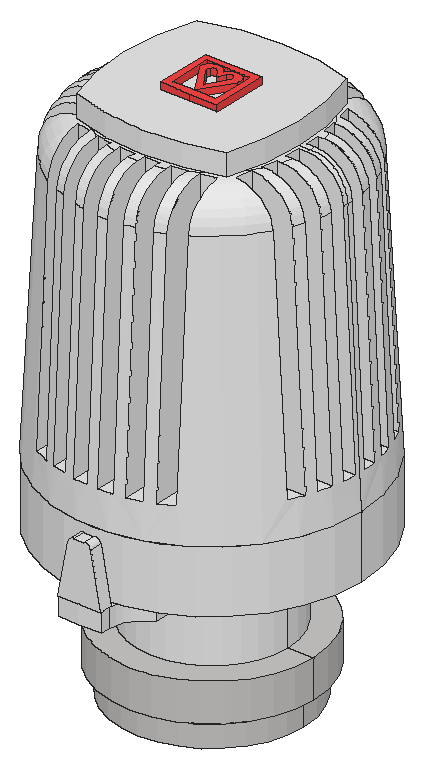
Revit family "HERZ-Thermostatkopf M28x1.5 7260", category Rohrzubehör, Revit 2021
Family settings
  Bemaßung runder Anschluss = Durchmesser verwenden
  Teiletyp = Normal
  OmniClass-Nummer = 23.65.55.14
  OmniClass-Titel = Valves for Liquid Services
  Arbeitsebenenbasiert = Nein
  Immer vertikal = Nein
  Beim Laden mit Abzugskörper schneiden = Nein
  Gemeinsam genutzt = Nein
Parameters
  automatische Frostsicherung = "bei ca. 6°C"  # constant formula
  W02 = 120.00°  # constant formula
  W01 = 135.00°  # constant formula
  Vorgabe-Ansicht = 0.000 mm
  URL = "www.herz-armaturen.at"
  Sollwerbereich = "6 - 28°C"  # constant formula
  S02 = 60.000 mm  # constant formula
  S01 = H02 + H07  # 79.500 mm
  R08 = 15.000 mm  # constant formula
  R07 = 6.000 mm  # constant formula
  R06 = 24.000 mm  # constant formula
  R05 = 16.350 mm  # constant formula
  R04 = 14.750 mm  # constant formula
  R03 = 13.200 mm  # constant formula
  R02 = 12.200 mm  # constant formula
  R01 = 22.400 mm  # constant formula
  Hersteller = "HERZ Armaturen Ges.m.b.H."  # constant formula
  Handrad = "Kunststoff, weiß"  # constant formula
  H09 = 3.500 mm  # constant formula
  H08 = 10.000 mm  # constant formula
  H07 = 59.000 mm  # constant formula
  H06 = 3.500 mm  # constant formula
  H05 = 10.500 mm  # constant formula
  H04 = 11.700 mm  # constant formula
  H03 = 4.500 mm  # constant formula
  H02 = 20.500 mm  # constant formula
  H01 = 45.800 mm  # constant formula
  Funktionsweise = "Der HERZ-Thermostat dient als Fühl- und Regelelement.\r\nDurch die Volumsänderung der Flüssigkeitsfüllung im HERZ-Hydrosensor wird die Schubspindel des Ventils bewegt."
  Bestellnummer = 1726006  # constant formula
  Ausführungen = "Heizkörperthermostat mit Flüssigkeitsfühler (Hydrosensor)\r\nmit automatischer Frostsicherung und Begrenzung ud Blockierung des Sollwertbereiches. Handradfarbe weiß."
  Anwendung = "Zur Montage auf allen HERZ-Ventilen, die für thermostatischen Betrieb eingerichtet sind."
Reference planes
  plane 1 "Mitte (Vorne/hinten)": y = 0
  plane 2: z = 0
  plane 3 "Mitte (Links/rechts)": x = 0
Forms (mm)
  Revolve 1, solid, material "Messing verzinkt", detail levels fine
    sketch origin (0, 0, 0) x (1, 0, 0) y (0, 0, 1)
      loop
        line (0, 4.5) -> (13.2, 4.5) -> (13.2, -3.563) -> (14.75, -3.563) -> (14.75, -0.063) -> (16.35, 0.861) -> (16.35, 6.937) -> (0, 6.937) -> (0, 4.5)
      axis (0, 6.937) -> (0, -3.563)
    angle from 0 to 360
  Revolve 2, solid, material "Kunststoff weiß", detail levels fine
    sketch origin (0, 0, 0) x (1, 0, 0) y (0, 0, 1)
      loop
        line (0, 20.5) -> (24, 20.5) -> (24, 30.5) -> (21.791, 73.806)
        arc (21.791, 73.806) -> (19.931, 77.849) -> (15.798, 79.5) r 6
        line (15.798, 79.5) -> (0, 79.5) -> (0, 20.5)
      axis (0, 79.5) -> (0, 20.5)
    angle from 0 to 360
  Extrusion 3, void
    sketch origin (0, 0, 0) x (1, 0, 0) y (0, 1, 0)
      loop
        line (24.458, 0.8) -> (24.458, 3.2) -> (14.361, 3.2)
        arc (14.361, 3.2) -> (14.446, 2.001) -> (14.491, 0.8) r 37
        line (14.491, 0.8) -> (24.458, 0.8)
      loop
        line (24.458, 4.8) -> (24.458, 7.2) -> (13.793, 7.2)
        arc (13.793, 7.2) -> (14.01, 6.003) -> (14.187, 4.8) r 37
        line (14.187, 4.8) -> (24.458, 4.8)
      loop
        line (24.458, 8.8) -> (24.458, 11.2) -> (12.764, 11.2)
        arc (12.764, 11.2) -> (13.121, 10.006) -> (13.438, 8.8) r 37
        line (13.438, 8.8) -> (24.458, 8.8)
      loop
        line (24.458, -0.8) -> (14.491, -0.8)
        arc (14.491, -0.8) -> (14.446, -2.001) -> (14.361, -3.2) r 37
        line (14.361, -3.2) -> (24.458, -3.2) -> (24.458, -0.8)
      loop
        line (24.458, -4.8) -> (14.187, -4.8)
        arc (14.187, -4.8) -> (14.01, -6.003) -> (13.793, -7.2) r 37
        line (13.793, -7.2) -> (24.458, -7.2) -> (24.458, -4.8)
      loop
        line (24.458, -8.8) -> (13.438, -8.8)
        arc (13.438, -8.8) -> (13.121, -10.006) -> (12.764, -11.2) r 37
        line (12.764, -11.2) -> (24.458, -11.2) -> (24.458, -8.8)
      loop
        line (-24.458, 0.8) -> (-14.491, 0.8)
        arc (-14.491, 0.8) -> (-14.446, 2.001) -> (-14.361, 3.2) r 37
        line (-14.361, 3.2) -> (-24.458, 3.2) -> (-24.458, 0.8)
      loop
        line (-24.458, 4.8) -> (-14.187, 4.8)
        arc (-14.187, 4.8) -> (-14.01, 6.003) -> (-13.793, 7.2) r 37
        line (-13.793, 7.2) -> (-24.458, 7.2) -> (-24.458, 4.8)
      loop
        line (-24.458, 8.8) -> (-13.438, 8.8)
        arc (-13.438, 8.8) -> (-13.121, 10.006) -> (-12.764, 11.2) r 37
        line (-12.764, 11.2) -> (-24.458, 11.2) -> (-24.458, 8.8)
      loop
        line (-24.458, -0.8) -> (-24.458, -3.2) -> (-14.361, -3.2)
        arc (-14.361, -3.2) -> (-14.446, -2.001) -> (-14.491, -0.8) r 37
        line (-14.491, -0.8) -> (-24.458, -0.8)
      loop
        line (-24.458, -4.8) -> (-24.458, -7.2) -> (-13.793, -7.2)
        arc (-13.793, -7.2) -> (-14.01, -6.003) -> (-14.187, -4.8) r 37
        line (-14.187, -4.8) -> (-24.458, -4.8)
      loop
        line (-24.458, -8.8) -> (-24.458, -11.2) -> (-12.764, -11.2)
        arc (-12.764, -11.2) -> (-13.121, -10.006) -> (-13.438, -8.8) r 37
        line (-13.438, -8.8) -> (-24.458, -8.8)
      loop
        line (0.8, 24.458) -> (0.8, 14.491)
        arc (0.8, 14.491) -> (2.001, 14.446) -> (3.2, 14.361) r 37
        line (3.2, 14.361) -> (3.2, 24.458) -> (0.8, 24.458)
      loop
        line (4.8, 24.458) -> (4.8, 14.187)
        arc (4.8, 14.187) -> (6.003, 14.01) -> (7.2, 13.793) r 37
        line (7.2, 13.793) -> (7.2, 24.458) -> (4.8, 24.458)
      loop
        line (8.8, 24.458) -> (8.8, 13.438)
        arc (8.8, 13.438) -> (10.006, 13.121) -> (11.2, 12.764) r 37
        line (11.2, 12.764) -> (11.2, 24.458) -> (8.8, 24.458)
      loop
        line (-0.8, 24.458) -> (-3.2, 24.458) -> (-3.2, 14.361)
        arc (-3.2, 14.361) -> (-2.001, 14.446) -> (-0.8, 14.491) r 37
        line (-0.8, 14.491) -> (-0.8, 24.458)
      loop
        line (-4.8, 24.458) -> (-7.2, 24.458) -> (-7.2, 13.793)
        arc (-7.2, 13.793) -> (-6.003, 14.01) -> (-4.8, 14.187) r 37
        line (-4.8, 14.187) -> (-4.8, 24.458)
      loop
        line (-8.8, 24.458) -> (-11.2, 24.458) -> (-11.2, 12.764)
        arc (-11.2, 12.764) -> (-10.006, 13.121) -> (-8.8, 13.438) r 37
        line (-8.8, 13.438) -> (-8.8, 24.458)
      loop
        line (0.8, -24.458) -> (3.2, -24.458) -> (3.2, -14.361)
        arc (3.2, -14.361) -> (2.001, -14.446) -> (0.8, -14.491) r 37
        line (0.8, -14.491) -> (0.8, -24.458)
      loop
        line (4.8, -24.458) -> (7.2, -24.458) -> (7.2, -13.793)
        arc (7.2, -13.793) -> (6.003, -14.01) -> (4.8, -14.187) r 37
        line (4.8, -14.187) -> (4.8, -24.458)
      loop
        line (8.8, -24.458) -> (11.2, -24.458) -> (11.2, -12.764)
        arc (11.2, -12.764) -> (10.006, -13.121) -> (8.8, -13.438) r 37
        line (8.8, -13.438) -> (8.8, -24.458)
      loop
        line (-0.8, -24.458) -> (-0.8, -14.491)
        arc (-0.8, -14.491) -> (-2.001, -14.446) -> (-3.2, -14.361) r 37
        line (-3.2, -14.361) -> (-3.2, -24.458) -> (-0.8, -24.458)
      loop
        line (-4.8, -24.458) -> (-4.8, -14.187)
        arc (-4.8, -14.187) -> (-6.003, -14.01) -> (-7.2, -13.793) r 37
        line (-7.2, -13.793) -> (-7.2, -24.458) -> (-4.8, -24.458)
      loop
        line (-8.8, -24.458) -> (-8.8, -13.438)
        arc (-8.8, -13.438) -> (-10.006, -13.121) -> (-11.2, -12.764) r 37
        line (-11.2, -12.764) -> (-11.2, -24.458) -> (-8.8, -24.458)
    from 36 to 81.5
  Extrusion 4, solid, material "Kunststoff weiß", detail levels fine
    sketch origin (0, 0, 0) x (1, 0, 0) y (0, 1, 0)
      loop
        arc (12, 12) -> (0, 14) -> (-12, 12) r 37
        arc (-12, 12) -> (-14, 0) -> (-12, -12) r 37
        arc (-12, -12) -> (0, -14) -> (12, -12) r 37
        arc (12, -12) -> (14, 0) -> (12, 12) r 37
    from 79.5 to 83
  Extrusion 5, solid, material "Kunststoff weiß", detail levels fine
    sketch origin (0.017, -0.017, 0) x (0, -1, 0) y (1, 0, 0)
      loop
        line (14.714, 6.983) -> (14.714, -7.017) -> (19.645, -7.017)
        arc (19.645, -7.017) -> (21.761, -4.508) -> (24.882, -3.488) r 6
        line (24.882, -3.488) -> (26.272, -3.488)
        arc (26.272, -3.488) -> (26.5, 0) -> (26.267, 3.488) r 26.5
        line (26.267, 3.488) -> (24.882, 3.488)
        arc (24.882, 3.488) -> (21.777, 4.497) -> (19.66, 6.983) r 6
        line (19.66, 6.983) -> (14.714, 6.983)
    from 17.5 to 20.5
  Extrusion 6, solid, material "Kunststoff weiß", detail levels fine
    sketch origin (0.017, -0.017, 3.5) x (1, 0, 0) y (0, 0, 1)
      loop
        arc (-0.8, 26.1) -> (-1.432, 25.875) -> (-1.779, 25.302) r 1
        line (-1.779, 25.302) -> (-3.488, 17) -> (3.488, 17) -> (1.779, 25.302)
        arc (1.779, 25.302) -> (1.432, 25.875) -> (0.8, 26.1) r 1
        line (0.8, 26.1) -> (-0.8, 26.1)
    from 26.5 to 24.5
  Revolve 7, solid, material "Kunststoff weiß", detail levels fine
    sketch origin (90.543, 0, 0) x (1, 0, 0) y (0, 0, 1)
      loop
        line (-90.543, 0) -> (-77.343, 0) -> (-77.343, 4.5) -> (-78.343, 4.5) -> (-78.343, 20.5) -> (-68.143, 20.5) -> (-68.143, 34.1) -> (-75.543, 34.1) -> (-75.543, 45.8) -> (-90.543, 45.8) -> (-90.543, 0)
      axis (-90.543, 45.8) -> (-90.543, 0)
    angle from 0 to 360
Cuts and joins
  Extrusion 3 cuts Revolve 2
Lines and regions (mm)
  model lines, detail levels coarse+medium
    curve 1: line (0, 0, 0) -> (0, 0, 19.5)
    curve 2: line (0, -0.017, 0) -> (0, 19.5, 0)
    curve 3: circle (0, 0, 49.5) r 30 normal (0, -1, 0)
    curve 4: circle (0, 0, 49.5) r 30 normal (1, 0, 0)
    curve 5: line (0, 0, 29.5) -> (0, 0, 69.5)
    curve 6: line (0, -17.5, 69.5) -> (0, 17.5, 69.5)
    curve 7: line (0, 0, 29.5) -> (0, 0, 69.5)
    curve 8: line (-17.5, 0, 69.5) -> (17.5, 0, 69.5)
    curve 9: circle (0, 49.5, 0) r 30 normal (0, 0, 1)
    curve 10: line (0, 29.5, 0) -> (0, 69.5, 0)
    curve 11: line (-17.5, 69.5, 0) -> (17.5, 69.5, 0)
Dimensions and locks
  "H05": Revolve 1 sketch curve to Revolve 1 sketch curve
  "H06": Revolve 1 sketch curve to Revolve 1 sketch curve
  "H03": Revolve 1 sketch curve to plane 2
  "R04": Revolve 1 sketch curve to plane 3 "Mitte (Links/rechts)"
  "R03": plane 3 "Mitte (Links/rechts)" to Revolve 1 sketch curve
  "R05": Revolve 1 sketch curve to plane 3 "Mitte (Links/rechts)"
  "H08": Revolve 2 sketch curve to Revolve 2 sketch curve
  "R06": Revolve 2 sketch curve to Revolve 2 sketch curve
  "H02": Revolve 2 sketch curve to plane 2
  "H02": Revolve 7 sketch curve to plane 2
  "H03": Revolve 7 sketch curve to Revolve 7 sketch curve
  "H01": Revolve 7 sketch curve to plane 2
  "H04": Revolve 7 sketch curve to Revolve 7 sketch curve
  "R03": Revolve 7 sketch curve to plane 3 "Mitte (Links/rechts)"
  "R02": plane 3 "Mitte (Links/rechts)" to Revolve 7 sketch curve
  "R01": plane 3 "Mitte (Links/rechts)" to Revolve 7 sketch curve
  "R08": plane 3 "Mitte (Links/rechts)" to Revolve 7 sketch curve
  "H07": Revolve 2 sketch curve to Revolve 2 sketch curve
  "S01": curve 4 to plane 2
  "S01": curve 3 to plane 2
  "S01": plane 1 "Mitte (Vorne/hinten)" to curve 9
  "R07": radius of Revolve 2 sketch curve
  "S02": diameter of curve 3
  "S02": diameter of curve 4
  "S02": diameter of curve 9
  "W02": angle Revolve 1 sketch curve to Revolve 1 sketch curve
  aligned and locked: level to plane 2
Automatic sketch dimensions
  plane 1 "Mitte (Vorne/hinten)" to Extrusion 4 sketch curve = 0.000 mm  (x2)
  Extrusion 4 sketch curve to plane 3 "Mitte (Links/rechts)" = 0.000 mm  (x2)
  Extrusion 4 sketch curve to plane 3 "Mitte (Links/rechts)" = 23.000 mm
  plane 3 "Mitte (Links/rechts)" to Extrusion 4 sketch curve = 23.000 mm
  plane 1 "Mitte (Vorne/hinten)" to Extrusion 4 sketch curve = 23.000 mm
  Extrusion 4 sketch curve to plane 1 "Mitte (Vorne/hinten)" = 23.000 mm
  Extrusion 4 sketch curve to plane 3 "Mitte (Links/rechts)" = 12.000 mm  (x2)
  plane 3 "Mitte (Links/rechts)" to Extrusion 4 sketch curve = 12.000 mm
  plane 1 "Mitte (Vorne/hinten)" to Extrusion 4 sketch curve = 12.000 mm
  Extrusion 3 sketch curve to Extrusion 3 sketch curve = 0.000 mm  (x58)
  plane 1 "Mitte (Vorne/hinten)" to Extrusion 3 sketch curve = 0.000 mm  (x2)
  Extrusion 3 sketch curve to plane 3 "Mitte (Links/rechts)" = 0.000 mm  (x2)
  Extrusion 3 sketch curve to plane 3 "Mitte (Links/rechts)" = 0.800 mm  (x2)
  Extrusion 3 sketch curve to Extrusion 3 sketch curve = 2.400 mm  (x12)
  Extrusion 3 sketch curve to Extrusion 3 sketch curve = 1.600 mm  (x16)
  Extrusion 3 sketch curve to Extrusion 3 sketch curve = 1.564 mm  (x8)
  Extrusion 3 sketch curve to Extrusion 3 sketch curve = 0.674 mm  (x5)
  Extrusion 3 sketch curve to Extrusion 3 sketch curve = 0.354 mm  (x8)
  Extrusion 3 sketch curve to Extrusion 3 sketch curve = 0.395 mm  (x4)
  Extrusion 3 sketch curve to Extrusion 3 sketch curve = 0.174 mm  (x8)
  plane 1 "Mitte (Vorne/hinten)" to Extrusion 3 sketch curve = 0.800 mm  (x2)
  Extrusion 3 sketch curve to Extrusion 3 sketch curve = 0.130 mm  (x2)
  Extrusion 3 sketch curve to plane 1 "Mitte (Vorne/hinten)" = 0.800 mm  (x2)
  Extrusion 3 sketch curve to Extrusion 3 sketch curve = 8.009 mm  (x3)
  Extrusion 3 sketch curve to Extrusion 3 sketch curve = 1.958 mm  (x7)
  plane 3 "Mitte (Links/rechts)" to Extrusion 3 sketch curve = 0.800 mm  (x2)
  Extrusion 3 sketch curve to Extrusion 3 sketch curve = 11.019 mm
  Extrusion 5 sketch curve to plane 3 "Mitte (Links/rechts)" = 0.000 mm
  plane 1 "Mitte (Vorne/hinten)" to Extrusion 5 sketch curve = 0.017 mm
  Extrusion 5 sketch curve to plane 3 "Mitte (Links/rechts)" = 7.000 mm
  plane 1 "Mitte (Vorne/hinten)" to Extrusion 5 sketch curve = 14.731 mm
  Extrusion 5 sketch curve to Extrusion 5 sketch curve = 4.930 mm
  Extrusion 5 sketch curve to Extrusion 5 sketch curve = 4.946 mm
  Extrusion 5 sketch curve to plane 3 "Mitte (Links/rechts)" = 3.471 mm
  Extrusion 5 sketch curve to Extrusion 5 sketch curve = 5.237 mm
  Extrusion 5 sketch curve to Extrusion 5 sketch curve = 5.222 mm
  Extrusion 5 sketch curve to Extrusion 5 sketch curve = 5.470 mm
  Extrusion 5 sketch curve to Extrusion 5 sketch curve = 0.233 mm
  Extrusion 5 sketch curve to Extrusion 5 sketch curve = 1.390 mm
  plane 3 "Mitte (Links/rechts)" to Extrusion 5 sketch curve = 3.505 mm
  Extrusion 5 sketch curve to Extrusion 5 sketch curve = 3.495 mm
  Extrusion 5 sketch curve to Extrusion 5 sketch curve = 0.000 mm
  Extrusion 6 sketch curve to plane 3 "Mitte (Links/rechts)" = 3.471 mm
  Extrusion 6 sketch curve to plane 3 "Mitte (Links/rechts)" = 1.763 mm
  Extrusion 6 sketch curve to plane 3 "Mitte (Links/rechts)" = 0.783 mm
  plane 3 "Mitte (Links/rechts)" to Extrusion 6 sketch curve = 0.817 mm
  Extrusion 6 sketch curve to Extrusion 6 sketch curve = 0.979 mm
  plane 3 "Mitte (Links/rechts)" to Extrusion 6 sketch curve = 3.505 mm
  level to Extrusion 6 sketch curve = 20.500 mm
  Extrusion 6 sketch curve to Extrusion 6 sketch curve = 8.100 mm
  Extrusion 6 sketch curve to Extrusion 6 sketch curve = 0.000 mm
  Extrusion 6 sketch curve to Extrusion 6 sketch curve = 0.202 mm
  curve 5 to plane 1 "Mitte (Vorne/hinten)" = 0.000 mm
  curve 4 to plane 1 "Mitte (Vorne/hinten)" = 0.000 mm
  plane 1 "Mitte (Vorne/hinten)" to curve 6 = 17.500 mm
  curve 5 to curve 6 = 17.500 mm
  curve 5 to curve 4 = 20.000 mm
  curve 4 to curve 6 = 20.000 mm
  curve 3 to plane 3 "Mitte (Links/rechts)" = 0.000 mm
  curve 7 to plane 3 "Mitte (Links/rechts)" = 0.000 mm
  curve 1 to plane 3 "Mitte (Links/rechts)" = 0.000 mm
  curve 1 to level = 0.000 mm
  curve 8 to curve 7 = 17.500 mm
  plane 3 "Mitte (Links/rechts)" to curve 8 = 17.500 mm
  curve 1 to curve 7 = 10.000 mm
  curve 3 to curve 8 = 20.000 mm
  curve 9 to plane 3 "Mitte (Links/rechts)" = 0.000 mm
  curve 10 to plane 3 "Mitte (Links/rechts)" = 0.000 mm
  curve 2 to plane 3 "Mitte (Links/rechts)" = 0.000 mm
  curve 11 to curve 10 = 17.500 mm
  plane 3 "Mitte (Links/rechts)" to curve 11 = 17.500 mm
  plane 1 "Mitte (Vorne/hinten)" to curve 2 = 0.017 mm
  curve 2 to curve 10 = 10.000 mm
  curve 9 to curve 11 = 20.000 mm
  Revolve 1 sketch curve to plane 3 "Mitte (Links/rechts)" = 0.000 mm  (x2)
  level to Revolve 1 sketch curve = 0.861 mm
  Revolve 1 sketch curve to Revolve 1 sketch curve = 362.982 mm
  Revolve 1 sketch curve to Revolve 1 sketch curve = 2206.878 mm
  Revolve 2 sketch curve to plane 3 "Mitte (Links/rechts)" = 0.000 mm  (x2)
  plane 3 "Mitte (Links/rechts)" to Revolve 2 sketch curve = 15.798 mm
  Revolve 2 sketch curve to Revolve 2 sketch curve = 5.992 mm
  Revolve 2 sketch curve to level = 366.045 mm
  Revolve 2 sketch curve to Revolve 2 sketch curve = 2138.315 mm
  Revolve 7 sketch curve to level = 0.000 mm  (x2)
  Revolve 7 sketch curve to plane 3 "Mitte (Links/rechts)" = 0.000 mm  (x2)
  Revolve 7 sketch curve to Revolve 7 sketch curve = 0.000 mm
Nested families
  nested 1: "Herz-Logo" at (0, 0, 82.5), type "Herz-Logo", detail levels fine
Definition of nested family "Herz-Logo"
  Parameters (values of type "Herz-Logo")
    Default Elevation = 0.000 mm
  Reference planes
    plane 1 "Mitte (Vorne/hinten)": y = 0
    plane 2: z = 0
    plane 3 "Mitte (Links/rechts)": x = 0
  Forms (mm)
    Extrusion 1, solid
      sketch origin (0, 0, 0) x (1, 0, 0) y (0, 1, 0)
        loop
          line (-0.018, -4.517) -> (4.482, -4.517) -> (4.482, 4.483) -> (-4.518, 4.483) -> (-4.518, -4.517) -> (-0.018, -4.517)
        loop
          line (-0.05, -3.48) -> (3.482, -3.48) -> (3.482, 3.483) -> (-3.518, 3.483) -> (-3.518, -3.48) -> (-0.05, -3.48)
        loop
          arc (-0.018, 2.383) -> (-1.543, 3.287) -> (-3.067, 2.383) r 1.738
          arc (-3.067, 2.383) -> (-3.191, 1.899) -> (-3.067, 1.415) r 1.009
          line (-3.067, 1.415) -> (-0.018, -3.281) -> (3.032, 1.415)
          arc (3.032, 1.415) -> (3.156, 1.899) -> (3.032, 2.383) r 1.009
          arc (3.032, 2.383) -> (1.507, 3.287) -> (-0.018, 2.383) r 1.738
        loop
          arc (1.885, 1.272) -> (2.005, 1.675) -> (1.885, 2.079) r 0.74
          arc (1.885, 2.079) -> (1.265, 2.416) -> (0.644, 2.079) r 0.74
          line (0.644, 2.079) -> (-0.018, 0.97) -> (-0.679, 2.079)
          arc (-0.679, 2.079) -> (-1.3, 2.416) -> (-1.921, 2.079) r 0.74
          arc (-1.921, 2.079) -> (-2.04, 1.675) -> (-1.921, 1.272) r 0.74
          line (-1.921, 1.272) -> (-0.018, -1.658) -> (1.885, 1.272)
      from 0 to 1.5
  Dimensions and locks
    aligned and locked: level to plane 2
